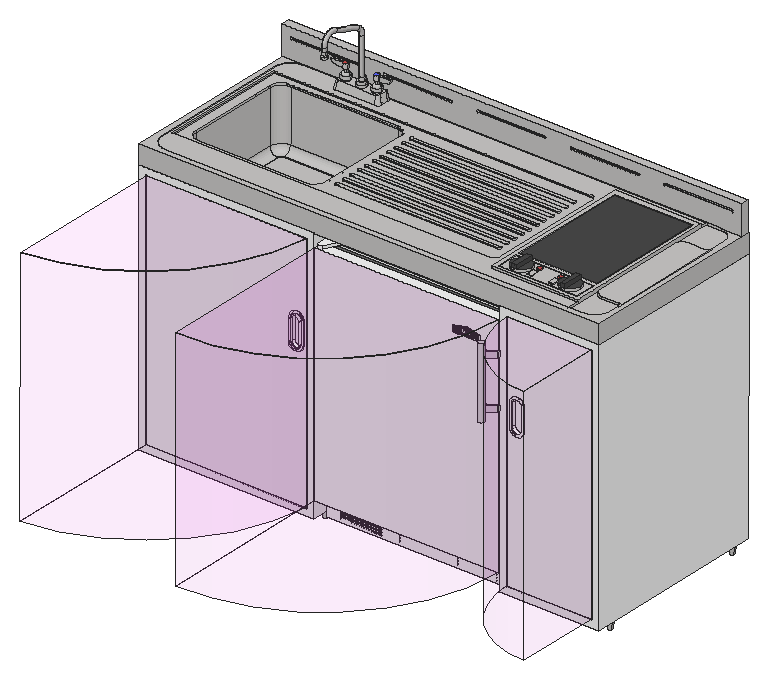
Revit family "QF_Summit_C60ELGLASS_Kitchenette", category Specialty Equipment, Revit 2020 (continued)
Automatic sketch dimensions
  curve 89 to curve 90 = 1"
  plane 5 "FRONT" to curve 65 = 9.94855"
  curve 66 to curve 8 = 0.71169"
  curve 5 to curve 9 = 1.08389"
  curve 82 to curve 85 = 1.34658"
  curve 19 to plane 5 "FRONT" = 4 1/2"
  curve 80 to curve 62 = 1.29117"
  curve 62 to curve 61 = 0.21452"
  curve 60 to curve 59 = 0.75847"
  curve 76 to curve 76 = 0.21452"
  curve 57 to curve 56 = 0.75847"
  curve 56 to curve 55 = 0.21452"
  curve 54 to curve 53 = 0.82097"
  curve 53 to curve 52 = 0.21452"
  curve 74 to curve 50 = 0.69597"
  curve 50 to curve 49 = 0.21452"
  curve 47 to curve 46 = 0.21452"
  curve 72 to curve 44 = 0.69597"
  curve 44 to curve 43 = 0.21452"
  curve 42 to curve 41 = 0.75847"
  curve 41 to curve 40 = 0.21452"
  curve 40 to curve 38 = 0.75847"
  curve 69 to curve 69 = 0.21452"
  curve 37 to curve 35 = 0.75847"
  curve 68 to curve 68 = 0.21452"
  curve 34 to curve 23 = 0.63341"
  curve 27 to curve 7 = 3 1/8"
  curve 68 to curve 30 = 0.82097"
  curve 30 to curve 32 = 0.21452"
  curve 67 to curve 78 = 0.7173"
  curve 10 to curve 8 = 0.79111"
  curve 1 to curve 65 = 15/16"
  curve 64 to curve 28 = 0.1852"
  curve 10 to curve 64 = 0"
  curve 15 to curve 10 = 0"
  curve 10 to curve 94 = 5/8"
  curve 64 to curve 25 = 5/8"
  curve 15 to curve 63 = 5/8"
  curve 95 to plane 18 = 2.39447"
  curve 28 to curve 28 = 1"
  curve 96 to plane 18 = 15/16"
  curve 87 to curve 82 = 0.58831"
  plane 4 "RIGHT" to curve 86 = 1 1/4"
  plane 4 "RIGHT" to curve 92 = 1 1/4"
  plane 4 "RIGHT" to curve 96 = 15/16"
  plane 4 "RIGHT" to curve 91 = 3/4"
  curve 95 to curve 96 = 0"
  curve 93 to plane 14 = 2"
  Extrusion 34 sketch curve to Extrusion 34 sketch curve = 1/2"  (x5)
  Extrusion 34 sketch curve to Extrusion 34 sketch curve = 3/4"
  Extrusion 35 sketch curve to Extrusion 34 = 0"  (x4)
  Extrusion 36 sketch curve to Extrusion 35 = 1.86219"  (x2)
  Extrusion 36 sketch curve to Extrusion 35 = 1 3/8"  (x2)
  Extrusion 37 sketch curve to Extrusion 37 sketch curve = 9/32"  (x2)
  Extrusion 37 sketch curve to Extrusion 37 sketch curve = 9/16"  (x2)
  Extrusion 38 sketch curve to Extrusion 35 = 0.35356"  (x2)
  Extrusion 38 sketch curve to Extrusion 35 = 3.33613"
  Extrusion 38 sketch curve to Extrusion 38 sketch curve = 0.56313"  (x2)
  Extrusion 38 sketch curve to Extrusion 38 sketch curve = 2.20148"
  Extrusion 38 sketch curve to Extrusion 38 sketch curve = 1.07117"  (x2)
  Extrusion 34 sketch curve to Extrusion 34 sketch curve = 0"
  Extrusion 34 sketch curve to Extrusion 34 sketch curve = 10"
  Extrusion 34 sketch curve to Extrusion 34 sketch curve = 15.3663"
  Extrusion 34 sketch curve to Extrusion 34 sketch curve = 2 3/4"
  Extrusion 39 sketch curve to Extrusion 39 sketch curve = 10"
  Extrusion 39 sketch curve to Extrusion 39 sketch curve = 15.3663"
  Extrusion 40 sketch curve to Extrusion 40 sketch curve = 1/2"  (x5)
  Extrusion 40 sketch curve to Extrusion 40 sketch curve = 3/4"
  Extrusion 41 sketch curve to Extrusion 40 = 0"  (x4)
  Extrusion 42 sketch curve to Extrusion 41 = 1.86219"  (x2)
  Extrusion 42 sketch curve to Extrusion 41 = 1 3/8"  (x2)
  Extrusion 43 sketch curve to Extrusion 43 sketch curve = 9/32"  (x2)
  Extrusion 43 sketch curve to Extrusion 43 sketch curve = 9/16"  (x2)
  Extrusion 44 sketch curve to Extrusion 41 = 0.35356"  (x2)
  Extrusion 44 sketch curve to Extrusion 41 = 3.33613"
  Extrusion 44 sketch curve to Extrusion 44 sketch curve = 0.56313"  (x2)
  Extrusion 44 sketch curve to Extrusion 44 sketch curve = 2.20148"
  Extrusion 44 sketch curve to Extrusion 44 sketch curve = 1.07117"  (x2)
  Extrusion 40 sketch curve to Extrusion 40 sketch curve = 0"
  Extrusion 40 sketch curve to Extrusion 40 sketch curve = 10"
  Extrusion 40 sketch curve to Extrusion 40 sketch curve = 15.3663"
  Extrusion 40 sketch curve to Extrusion 40 sketch curve = 2 3/4"
  Extrusion 45 sketch curve to Extrusion 45 sketch curve = 10"
  Extrusion 45 sketch curve to Extrusion 45 sketch curve = 15.3663"
  Extrusion 3 to Extrusion 19 sketch curve = 0"
  Extrusion 19 sketch curve to Extrusion 3 = 3.83831"  (x2)
  Extrusion 19 sketch curve to Extrusion 3 = 0.70647"
  Extrusion 19 sketch curve to Extrusion 3 = 0.86158"
  Extrusion 19 sketch curve to Extrusion 3 = 1.52212"
  curve 89 to curve 93 = 3.40347"
  curve 97 to curve 93 = 1.83831"
  curve 98 to plane 14 = 0.86158"
  curve 94 to curve 98 = 1.70647"
  curve 99 to curve 102 = 1/2"  (x2)
  curve 103 to curve 87 = 3/4"
  curve 80 to curve 104 = 0.68823"
  curve 98 to curve 105 = 1/2"
  curve 106 to curve 98 = 3/4"
  curve 106 to curve 98 = 1/2"
  curve 101 to curve 105 = 1/2"
  curve 107 to curve 103 = 0"
  plane 18 to curve 110 = 0.47611"
  curve 109 to curve 109 = 1 1/4"
  plane 18 to curve 111 = 0.75736"
  plane 18 to curve 112 = 0.19486"
  curve 110 to curve 115 = 0.22394"
  curve 115 to curve 113 = 0.56313"
  curve 116 to curve 109 = 1.02144"
  curve 110 to curve 114 = 0.04973"
  curve 113 to curve 118 = 2.20148"
  curve 117 to curve 118 = 0.56313"
  curve 113 to curve 118 = 0"
  curve 117 to curve 120 = 1.07117"
  curve 117 to curve 122 = 0.28156"
  curve 117 to curve 122 = 0.59921"
  curve 122 to curve 121 = 0.28156"
  curve 123 to curve 113 = 0.28156"
  curve 113 to curve 124 = 0.59921"
  curve 123 to curve 123 = 0.28156"
  curve 119 to curve 126 = 1.47394"
  curve 126 to curve 119 = 0.04973"
  curve 119 to curve 126 = 0.22394"
  curve 118 to curve 127 = 1.19269"
  curve 127 to curve 128 = 9/16"
  Extrusion 46 sketch curve to Extrusion 41 = 0.72606"  (x2)
  Extrusion 46 sketch curve to Extrusion 41 = 3.6177"
  Extrusion 46 sketch curve to Extrusion 46 sketch curve = 0.28156"  (x2)
  Extrusion 46 sketch curve to Extrusion 46 sketch curve = 2.48304"
  curve 100 to plane 5 "FRONT" = 2.27212"
  curve 118 to plane 5 "FRONT" = 3.12569"
  plane 1 "BACK" to Extrusion 8 sketch curve = 0"  (x2)
  Extrusion 8 sketch curve to plane 4 "RIGHT" = 0"
  plane 5 "FRONT" to Extrusion 8 sketch curve = 0"  (x4)
  Extrusion 8 sketch curve to plane 18 = 0"
  Extrusion 8 sketch curve to plane 3 "LEFT" = 0"
  plane 14 to Extrusion 8 sketch curve = 1/8"  (x2)
  plane 4 "RIGHT" to Extrusion 8 sketch curve = 7/8"
  Extrusion 8 sketch curve to plane 18 = 7/8"
  Extrusion 8 sketch curve to Extrusion 8 sketch curve = 7/8"
  plane 3 "LEFT" to Extrusion 8 sketch curve = 7/8"
  Extrusion 8 sketch curve to plane 17 = 0"
  Extrusion 8 to Extrusion 26 sketch curve = 36 5/8"
  Extrusion 26 sketch curve to Extrusion 26 sketch curve = 11"
  Extrusion 48 sketch curve to Extrusion 8 = 0"  (x4)
  Extrusion 8 to Extrusion 48 sketch curve = 23 7/8"  (x2)
  Extrusion 8 to Extrusion 48 sketch curve = 4 3/4"  (x2)
  radius of Extrusion 14 sketch curve = 1/8"
  radius of Extrusion 19 sketch curve to Extrusion 3 = 0"  (x2)
  radius of Extrusion 20 sketch curve = 1"
  radius of Extrusion 36 sketch curve = 1 1/4"  (x2)
  radius of Extrusion 37 sketch curve to Extrusion 36 = 0"  (x4)
  radius of Extrusion 42 sketch curve = 1 1/4"  (x2)
  radius of Extrusion 43 sketch curve to Extrusion 42 = 0"  (x4)
Nested families (in)
  nested 1: "CG_FISHER_TYPE 4" at (8, -1, 36.25), type "CG_FISHER_TYPE 4"
    with Type Mark "", Specification by User "", Revision Code "", Item Number "", Installed By "", Identify Quantity as Lot yes, Furnished By "", Foodservice Equipment Identifier yes
  nested 2: "Summit_CT661W" at (22.625, -0.25, 0), Left Hinged Door <- "Show LHD", type "Summit_CT661W"
    with Show Clearance yes, Right Hinged Door no, Left Hinged Door yes
Connectors (in)
  electrical at (57.12984, 0.25, 3.03956), driven by "Volts", driven by "Watts"
    settings: on Extrusion 14, index 3, voltage 115 V, apparent load 2875 VA, apparent load phase1 0 VA, apparent load phase2 0 VA, apparent load phase3 0 VA, power factor 1, load classification "Other", number of poles 1, system type 30, power factor state 1, is connector primary yes, connector utility no, sub classification motor no, connector description ""
Definition of nested family "CG_FISHER_TYPE 4"
  Parameters (values of type "CG_FISHER_TYPE 4")
    Weight = ""
    URL Manufacturer = ""
    URL Cutsheet = ""
    URL = ""
    Type Mark [instance] = ""
    Specification by User [instance] = ""
    Specification by Manufacturer = ""
    Serial Number = ""
    Seismic Rating = ""
    SMACNA No = ""
    Revision Code [instance] = ""
    Omniclass Number and Title = ""
    NAFEM Spec ID Number = ""
    Model = ""
    MasterSpec. = ""
    Manufacturer = ""
    Item Number [instance] = ""
    Installed By [instance] = ""
    Identify Quantity as Lot [instance] = yes
    Furnished By [instance] = ""
    Foodservice Equipment Identifier [instance] = yes
    Default Elevation = 0"
    CSI MasterFormat = ""
    CSI Master Format = ""
  Reference planes (in)
    plane 1 "BACK": y = 0
    plane 2: z = 0
    plane 3 "LEFT": x = 0
    plane 4 "RIGHT": x = 6
    plane 5 "FRONT": y = -2
    plane 6 "TOP": z = 9.5
    plane 7: x = 3
    plane 8: x = 1
    plane 9: x = 5
    plane 10: z = 6.75
    plane 11: y = -1
    plane 12: y = -7
  Forms (in)
    Blend 1, solid
      base sketch origin (0, 0, 0) x (1, 0, 0) y (0, 1, 0)
        loop
          arc (0.5, 0) -> (0.14645, -0.14645) -> (0, -0.5) r 0.5
          line (0, -0.5) -> (0, -1.5)
          arc (0, -1.5) -> (0.14645, -1.85355) -> (0.5, -2) r 0.5
          line (0.5, -2) -> (5.5, -2)
          arc (5.5, -2) -> (5.85355, -1.85355) -> (6, -1.5) r 0.5
          line (6, -1.5) -> (6, -0.5)
          arc (6, -0.5) -> (5.85355, -0.14645) -> (5.5, 0) r 0.5
          line (5.5, 0) -> (0.5, 0)
      top sketch origin (0, 0, 0) x (1, 0, 0) y (0, 1, 0)
        loop
          line (5.5, -0.25) -> (0.5, -0.25)
          arc (0.5, -0.25) -> (0.32322, -0.32322) -> (0.25, -0.5) r 0.25
          line (0.25, -0.5) -> (0.25, -1.5)
          arc (0.25, -1.5) -> (0.32322, -1.67678) -> (0.5, -1.75) r 0.25
          line (0.5, -1.75) -> (5.5, -1.75)
          arc (5.5, -1.75) -> (5.67678, -1.67678) -> (5.75, -1.5) r 0.25
          line (5.75, -1.5) -> (5.75, -0.5)
          arc (5.75, -0.5) -> (5.67678, -0.32322) -> (5.5, -0.25) r 0.25
      from 0 to 1
    Extrusion 2, solid
      sketch origin (0, -0.09496, -3.5) x (1, 0, 0) y (0, 0, 1)
        loop
          line (4.82421, 6.36488) -> (4.82421, 5.7908) -> (5.75768, 5.80403) -> (6.42048, 5.89366)
          arc (6.42048, 5.89366) -> (6.70947, 6.05462) -> (6.82421, 6.36488) r 0.47687
          line (6.82421, 6.36488) -> (4.82421, 6.36488)
      from 0.77919 to 1.02919
    Revolve 3, solid
      sketch origin (-4.03517, -1, 0) x (1, 0, 0) y (0, 0, 1)
        loop
          line (5.03934, 1) -> (5.03934, 3.02505)
          arc (5.03934, 3.02505) -> (4.87585, 2.98746) -> (4.76133, 2.86488) r 0.2869
          line (4.76133, 2.86488) -> (4.76133, 2.2908) -> (4.87917, 2.2908) -> (4.87917, 1.83261)
          arc (4.87917, 1.83261) -> (4.65407, 1.74222) -> (4.60414, 1.50485) r 0.25731
          line (4.60414, 1.50485) -> (4.45379, 1.50485) -> (4.45379, 1.1768) -> (4.53934, 1.1768) -> (4.53934, 1) -> (5.03934, 1)
        axis (5.03934, 1) -> (5.03934, 3.02505)
      angle from 0 to 360
    Revolve 4, solid
      sketch origin (10.03517, -0.99916, 0) x (-1, 0, 0) y (0, 0, -1)
        loop
          line (5.03934, -1) -> (4.53934, -1) -> (4.53934, -1.1768) -> (4.45379, -1.1768) -> (4.45379, -1.50485) -> (4.60414, -1.50485)
          arc (4.60414, -1.50485) -> (4.65407, -1.74222) -> (4.87917, -1.83261) r 0.25731
          line (4.87917, -1.83261) -> (4.87917, -2.2908) -> (4.76133, -2.2908) -> (4.76133, -2.86488)
          arc (4.76133, -2.86488) -> (4.87585, -2.98746) -> (5.03934, -3.02505) r 0.2869
          line (5.03934, -3.02505) -> (5.03934, -1)
        axis (5.03934, -1) -> (5.03934, -3.02505)
      angle from 0 to 360
    Extrusion 5, solid
      sketch origin (6, -0.09496, -3.5) x (-1, 0, 0) y (0, 0, -1)
        loop
          line (4.82421, -6.36488) -> (6.82421, -6.36488)
          arc (6.82421, -6.36488) -> (6.70947, -6.05462) -> (6.42048, -5.89366) r 0.47687
          line (6.42048, -5.89366) -> (5.75768, -5.80403) -> (4.82421, -5.7908) -> (4.82421, -6.36488)
      from 0.77919 to 1.02919
    Revolve 6, solid
      sketch origin (0, -7, 0) x (1, 0, 0) y (0, 0, 1)
        loop
          line (3, 7.59291) -> (2.75, 7.59291) -> (2.75, 7.16874) -> (2.625, 6.95223) -> (2.625, 6.75) -> (3, 6.75) -> (3, 7.59291)
        axis (3, 6.75) -> (3, 7.59291)
      angle from 0 to 360
    Sweep 7, solid
      path origin (3, 0, 0) x (0, 1, 0) y (0, 0, 1)
        loop
          line (-7, 7.59291) -> (-7, 8.04139)
          arc (-7, 8.04139) -> (-6.46697, 9.06533) -> (-5.32247, 9.21601) r 1.25
          line (-5.32247, 9.21601) -> (-1.75198, 7.91645)
          arc (-1.75198, 7.91645) -> (-1.20668, 7.49803) -> (-1, 6.84252) r 1.14286
          line (-1, 6.84252) -> (-1, 2)
      profile origin (3, -7, 7.81715) x (0, -1, 0) y (1, 0, 0)
        loop
          circle (0, 0) r 0.25
    Revolve 8, solid
      sketch origin (8.03517, -0.9375, -3.5) x (-1, 0, 0) y (0, 0, -1)
        loop
          line (5.03934, -4.5) -> (4.40363, -4.5) -> (4.40363, -4.67045) -> (4.50358, -4.67045) -> (4.50358, -5.02398) -> (4.68786, -5.13038) -> (4.68786, -5.5) -> (5.03934, -5.5) -> (5.03934, -4.5)
        axis (5.03934, -4.5) -> (5.03934, -5.5)
      angle from 0 to 360
  Cuts and joins
    joined: Revolve 6, Sweep 7
  Lines and regions (in)
    symbolic lines
      curve 1: line (2.67337, -7.08919, 0) -> (2.67337, -1, 0)
      curve 2: line (3.29837, -7.08919, 0) -> (3.29837, -1, 0)
      curve 3: arc (3.29837, -1, 0) -> (2.98587, -0.6875, 0) -> (2.67337, -1, 0) r 0.3125
      curve 4: arc (3.29837, -1.40113, 0) -> (2.98587, -0.49151, 0) -> (2.67337, -1.40113, 0) r 0.50849
      curve 5: arc (3.29837, -1.5749, 0) -> (3.01791, -0.35019, 0) -> (2.67337, -1.55844, 0) r 0.6486
      curve 6: line (4.38304, -0.63916, 0) -> (5.00804, -0.27831, 0)
      curve 7: line (5.00804, -0.27831, 0) -> (5.63304, -0.63916, 0)
      curve 8: line (5.63304, -0.63916, 0) -> (5.63304, -1.26764, 0)
      curve 9: line (4.38304, -1.36084, 0) -> (4.38304, -0.63916, 0)
      curve 10: line (5.00804, -1.72169, 0) -> (4.38304, -1.36084, 0)
      curve 11: line (5.23435, -1.59103, 0) -> (5.00804, -1.72169, 0)
      curve 12: arc (5.53526, -1.17341, 0) -> (4.61465, -0.60851, 0) -> (5.18402, -1.52636, 0) r 0.555
      curve 13: arc (5.28147, -0.74178, 0) -> (4.74077, -0.73099, 0) -> (4.75156, -1.27169, 0) r 0.375
      curve 14: arc (4.75156, -1.27169, 0) -> (4.84744, -1.34648, 0) -> (4.96221, -1.38665, 0) r 0.375
      curve 15: arc (5.23435, -1.59103, 0) -> (5.11621, -1.46497, 0) -> (4.96221, -1.38665, 0) r 0.5
      curve 16: line (5.22231, -1.58455, 0) -> (6.43111, -2.61867, 0)
      curve 17: arc (6.43111, -2.61867, 0) -> (6.60796, -2.59971, 0) -> (6.62691, -2.42286, 0) r 0.14168
      curve 18: line (5.58934, -1.21683, 0) -> (6.62691, -2.42286, 0)
      curve 19: arc (5.39644, -0.95243, 0) -> (5.47064, -1.10086, 0) -> (5.58934, -1.21683, 0) r 0.5
      curve 20: arc (5.39644, -0.95243, 0) -> (5.35626, -0.83766, 0) -> (5.28147, -0.74178, 0) r 0.375
      curve 21: line (1.62658, -0.63916, 0) -> (1.00158, -0.27831, 0)
      curve 22: line (1.62658, -1.36084, 0) -> (1.62658, -0.63916, 0)
      curve 23: line (1.00158, -1.72169, 0) -> (1.62658, -1.36084, 0)
      curve 24: line (0.77192, -1.58909, 0) -> (1.00158, -1.72169, 0)
      curve 25: line (0.77192, -1.58909, 0) -> (-0.42292, -2.61705, 0)
      curve 26: arc (-0.61721, -2.42277, 0) -> (-0.59834, -2.59818, 0) -> (-0.42292, -2.61705, 0) r 0.1406
      curve 27: line (0.42029, -1.21683, 0) -> (-0.61721, -2.42277, 0)
      curve 28: arc (0.42029, -1.21683, 0) -> (0.53899, -1.10086, 0) -> (0.61319, -0.95243, 0) r 0.5
      curve 29: arc (1.04741, -1.38665, 0) -> (0.89898, -1.46086, 0) -> (0.78301, -1.57955, 0) r 0.5
      curve 30: arc (1.04741, -1.38665, 0) -> (1.16218, -1.34648, 0) -> (1.25806, -1.27169, 0) r 0.375
      curve 31: arc (1.25806, -1.27169, 0) -> (1.26885, -0.73099, 0) -> (0.72816, -0.74178, 0) r 0.375
      curve 32: arc (0.72816, -0.74178, 0) -> (0.65337, -0.83766, 0) -> (0.61319, -0.95243, 0) r 0.375
      curve 33: circle (1.00158, -1, 0) r 0.225 normal (0, 0, 1)
      curve 34: line (1.00158, -0.27831, 0) -> (0.37658, -0.63916, 0)
      curve 35: line (0.37658, -0.63916, 0) -> (0.37658, -1.26764, 0)
      curve 36: arc (0.82561, -1.52636, 0) -> (1.39498, -0.60851, 0) -> (0.47437, -1.17341, 0) r 0.555
      curve 37: arc (2.67337, -6.68325, 0) -> (2.98587, -7.60148, 0) -> (3.29837, -6.68325, 0) r 0.51229
      curve 38: arc (2.67337, -7.08919, 0) -> (2.98587, -7.40169, 0) -> (3.29837, -7.08919, 0) r 0.3125
      curve 39: line (3.29837, -2, 0) -> (5.51871, -2, 0)
      curve 40: line (6, -1.5, 0) -> (6, -0.5, 0)
      curve 41: line (5.5, 0, 0) -> (0.5, 0, 0)
      curve 42: line (0, -0.5, 0) -> (0, -1.5, 0)
      curve 43: line (0.5, -2, 0) -> (2.67337, -2, 0)
      curve 44: line (0.58489, -1.75, 0) -> (2.67337, -1.75, 0)
      curve 45: line (3.29837, -1.75, 0) -> (5.41571, -1.75, 0)
      curve 46: line (0.5, -0.25, 0) -> (5.5, -0.25, 0)
      curve 47: arc (5.75, -0.5, 0) -> (5.67678, -0.32322, 0) -> (5.5, -0.25, 0) r 0.25
      curve 48: arc (0.5, -0.25, 0) -> (0.32322, -0.32322, 0) -> (0.25, -0.5, 0) r 0.25
      curve 49: line (0.25, -1.41477, 0) -> (0.25, -0.5, 0)
      curve 50: line (5.75, -0.5, 0) -> (5.75, -1.40358, 0)
      curve 51: line (0.05911, -1.63665, 0) -> (0, -1.5, 0)
      curve 52: line (0.5, -2, 0) -> (0.35546, -1.94739, 0)
      curve 53: line (5.64118, -1.94289, 0) -> (5.51871, -2, 0)
      curve 54: line (5.94504, -1.63028, 0) -> (6, -1.5, 0)
      curve 55: arc (5.5, 0, 0) -> (5.85355, -0.14645, 0) -> (6, -0.5, 0) r 0.5
      curve 56: arc (0, -0.5, 0) -> (0.14645, -0.14645, 0) -> (0.5, 0, 0) r 0.5
      curve 57: circle (4.99842, -1, 0) r 0.225 normal (0, 0, -1)
  Dimensions and locks (in)
    equal spacing: plane 4 "RIGHT", plane 7, plane 3 "LEFT"
    plane 6 "TOP" to plane 2 = 9 1/2"
    aligned and locked: level to plane 2
  Automatic sketch dimensions
    Blend 1 sketch curve to plane 3 "LEFT" = 0"
    plane 5 "FRONT" to Blend 1 sketch curve = 0"
    plane 1 "BACK" to Blend 1 sketch curve = 0"
    Blend 1 sketch curve to plane 4 "RIGHT" = 0"
    plane 3 "LEFT" to Blend 1 sketch curve = 1/2"  (x2)
    Blend 1 sketch curve to plane 4 "RIGHT" = 1/2"  (x3)
    plane 1 "BACK" to Blend 1 sketch curve = 1/2"  (x2)
    plane 3 "LEFT" to Blend 1 sketch curve = 1/4"
    Blend 1 sketch curve to Blend 1 sketch curve = 1/4"  (x3)
    Blend 1 sketch curve to plane 5 "FRONT" = 1/4"
    plane 9 to Extrusion 2 sketch curve = 45/256"
    Extrusion 2 sketch curve to plane 4 "RIGHT" = 0.24232"
    plane 4 "RIGHT" to Extrusion 2 sketch curve = 0.34735"
    plane 4 "RIGHT" to Extrusion 2 sketch curve = 0.42048"
    Extrusion 2 sketch curve to plane 10 = 3.88512"
    Extrusion 2 sketch curve to Extrusion 2 sketch curve = 0.47687"
    Extrusion 2 sketch curve to Extrusion 2 sketch curve = 0.08963"
    Extrusion 2 sketch curve to Extrusion 2 sketch curve = 0.57408"
    plane 8 to Extrusion 5 sketch curve = 45/256"
    plane 3 "LEFT" to Extrusion 5 sketch curve = 0.24232"
    Extrusion 5 sketch curve to plane 3 "LEFT" = 0.34735"
    Extrusion 5 sketch curve to plane 3 "LEFT" = 0.42048"
    Extrusion 5 sketch curve to plane 10 = 3.88512"
    Extrusion 5 sketch curve to Extrusion 5 sketch curve = 0.47687"
    Extrusion 5 sketch curve to Extrusion 5 sketch curve = 0.08963"
    Extrusion 5 sketch curve to Extrusion 5 sketch curve = 0.57408"
    Revolve 6 sketch curve to plane 10 = 0"
    plane 7 to Revolve 6 sketch curve = 0"  (x2)
    Revolve 6 sketch curve to Revolve 6 sketch curve = 1/4"
    Revolve 6 sketch curve to Revolve 6 sketch curve = 1/8"
    plane 10 to Revolve 6 sketch curve = 0.20223"
    Revolve 6 sketch curve to Revolve 6 sketch curve = 0.21651"
    Revolve 6 sketch curve to Revolve 6 sketch curve = 0.42418"
    Revolve 6 sketch curve to Revolve 6 sketch curve = 0.09934"
    Revolve 6 sketch curve to Revolve 6 sketch curve = 0.33586"
    plane 7 to Revolve 8 sketch curve = 0.63154"
    Revolve 8 sketch curve to Revolve 8 sketch curve = 0.09994"
    Revolve 8 sketch curve to Revolve 8 sketch curve = 0.18428"
    Revolve 8 sketch curve to plane 7 = 0.00417"  (x2)
    Revolve 8 sketch curve to plane 10 = 3.2092"
    Revolve 8 sketch curve to plane 10 = 4 3/4"
    Revolve 8 sketch curve to Revolve 8 sketch curve = 0.5408"
    Revolve 8 sketch curve to Revolve 8 sketch curve = 0.36962"
    Revolve 8 sketch curve to Revolve 8 sketch curve = 0.1064"
    Revolve 8 sketch curve to Revolve 8 sketch curve = 0.35353"
    Revolve 8 sketch curve to Revolve 8 sketch curve = 0.17045"
    Revolve 3 sketch curve to plane 8 = 0.0161"
    Revolve 3 sketch curve to plane 8 = 0.156"
    Revolve 3 sketch curve to plane 8 = 0.18399"
    Revolve 3 sketch curve to Revolve 3 sketch curve = 0.11783"
    Revolve 3 sketch curve to Revolve 3 sketch curve = 0.24704"
    Revolve 3 sketch curve to plane 8 = 0.49583"
    Revolve 3 sketch curve to Revolve 3 sketch curve = 0.08555"
    plane 8 to Revolve 3 sketch curve = 0.00417"  (x2)
    level to Revolve 3 sketch curve = 1"
    Revolve 3 sketch curve to Revolve 3 sketch curve = 0.1768"
    Revolve 3 sketch curve to Revolve 3 sketch curve = 0.32805"
    Revolve 3 sketch curve to Revolve 3 sketch curve = 0.07197"
    Revolve 3 sketch curve to Revolve 3 sketch curve = 0.45819"
    Revolve 3 sketch curve to Revolve 3 sketch curve = 1/4"
    Revolve 3 sketch curve to Revolve 3 sketch curve = 0.19807"
    Revolve 3 sketch curve to Revolve 3 sketch curve = 0.12601"
    plane 10 to Revolve 3 sketch curve = 0.2908"
    Revolve 4 sketch curve to plane 9 = 0.0161"
    Revolve 4 sketch curve to plane 9 = 0.156"
    Revolve 4 sketch curve to plane 9 = 0.18399"
    Revolve 4 sketch curve to plane 9 = 0.27384"
    Revolve 4 sketch curve to Revolve 4 sketch curve = 0.24704"
    Revolve 4 sketch curve to plane 9 = 0.49583"
    Revolve 4 sketch curve to Revolve 4 sketch curve = 0.08555"
    plane 9 to Revolve 4 sketch curve = 0.00417"  (x2)
    level to Revolve 4 sketch curve = 1"
    Revolve 4 sketch curve to Revolve 4 sketch curve = 0.1768"
    Revolve 4 sketch curve to Revolve 4 sketch curve = 0.32805"
    Revolve 4 sketch curve to Revolve 4 sketch curve = 0.07197"
    Revolve 4 sketch curve to Revolve 4 sketch curve = 0.45819"
    Revolve 4 sketch curve to Revolve 4 sketch curve = 1/4"
    Revolve 4 sketch curve to Revolve 4 sketch curve = 0.19807"
    Revolve 4 sketch curve to Revolve 4 sketch curve = 0.12601"
    plane 10 to Revolve 4 sketch curve = 0.2908"
    curve 3 to curve 4 = 0"  (x2)
    curve 30 to curve 32 = 0"  (x2)
    curve 33 to curve 36 = 0"  (x2)
    curve 37 to curve 38 = 0"  (x2)
    curve 47 to curve 55 = 0"  (x2)
    curve 48 to curve 56 = 0"  (x2)
    curve 42 to plane 3 "LEFT" = 0"
    plane 5 "FRONT" to curve 43 = 0"
    plane 1 "BACK" to curve 56 = 0"
    curve 36 to plane 11 = 0"
    curve 3 to plane 11 = 0"
    plane 5 "FRONT" to curve 39 = 0"
    curve 57 to plane 11 = 0"
    curve 12 to plane 11 = 0"
    curve 54 to plane 4 "RIGHT" = 0"
    curve 26 to plane 3 "LEFT" = 0.42292"
    curve 26 to curve 25 = 0.07599"
    curve 27 to curve 26 = 0.11829"
    plane 3 "LEFT" to curve 51 = 0.05911"
    plane 3 "LEFT" to curve 28 = 0.13506"
    curve 56 to curve 49 = 1/4"
    curve 52 to plane 5 "FRONT" = 0.05261"
    plane 3 "LEFT" to curve 52 = 91/256"
    curve 49 to curve 35 = 0.12658"
    curve 35 to curve 28 = 0.04371"
    curve 28 to curve 36 = 0.05408"
    curve 52 to curve 43 = 37/256"
    curve 48 to curve 46 = 1/4"
    curve 43 to curve 44 = 0.08489"
    plane 11 to curve 28 = 0.04757"
    curve 36 to curve 28 = 0.13882"
    curve 28 to curve 32 = 0.11497"
    curve 24 to plane 8 = 0.22808"
    curve 24 to curve 29 = 0.01109"
    curve 29 to curve 36 = 0.0426"
    curve 32 to plane 8 = 0.01747"
    plane 8 to curve 36 = 0.00158"
    plane 8 to curve 21 = 0.00158"
    plane 8 to curve 23 = 0.00158"
    plane 8 to curve 31 = 0.00369"
    plane 8 to curve 30 = 0.04741"
    plane 8 to curve 29 = 0.19367"
    curve 29 to curve 31 = 0.21065"
    plane 8 to curve 22 = 0.62658"
    curve 1 to plane 12 = 0.08919"
    curve 1 to plane 7 = 0.32663"
    curve 37 to plane 7 = 0.01413"
    plane 7 to curve 5 = 0.00083"
    plane 9 to curve 6 = 0.61696"
    plane 9 to curve 13 = 0.24844"
    plane 9 to curve 15 = 0.18405"
    plane 9 to curve 15 = 0.03779"
    plane 9 to curve 57 = 0.00158"
    plane 11 to curve 13 = 0.00384"
    curve 13 to plane 9 = 0.00594"
    curve 11 to plane 9 = 0.00804"
    curve 7 to plane 9 = 0.00804"
    curve 13 to curve 12 = 0.00211"
    curve 12 to curve 20 = 0.01905"
    curve 20 to curve 14 = 0"
    curve 12 to plane 9 = 0.18402"
    curve 12 to curve 16 = 0.0383"
    curve 16 to curve 15 = 0.01204"
    curve 13 to plane 9 = 0.28147"
    plane 11 to curve 19 = 0.04757"
    curve 13 to curve 19 = 0.11497"
    curve 11 to curve 45 = 0.18136"
    curve 41 to plane 4 "RIGHT" = 1/2"
    curve 45 to curve 39 = 0.103"
    curve 12 to plane 11 = 0.17341"
    curve 20 to curve 12 = 0.13882"
    curve 12 to curve 19 = 0.05408"
    curve 18 to curve 8 = 0.04371"
    curve 53 to plane 5 "FRONT" = 0.05711"
    curve 39 to curve 53 = 0.12247"
    curve 19 to plane 4 "RIGHT" = 0.12544"
    curve 54 to plane 4 "RIGHT" = 0.05496"
    plane 4 "RIGHT" to curve 17 = 0.43111"
    curve 16 to curve 17 = 0.07667"
    curve 17 to curve 18 = 0.11914"
    plane 12 to curve 37 = 0.31675"
    plane 5 "FRONT" to curve 17 = 0.61867"
    plane 5 "FRONT" to curve 26 = 0.61705"
    curve 17 to curve 17 = 0.11914"
    curve 25 to curve 26 = 0.11829"
    curve 15 to plane 5 "FRONT" = 0.13522"
    curve 29 to plane 5 "FRONT" = 0.13522"
    curve 29 to curve 24 = 0.14309"
    curve 15 to curve 10 = 0.14309"
    curve 52 to curve 51 = 0.31074"
    curve 45 to curve 5 = 0.1751"
    curve 44 to curve 5 = 0.19156"
    curve 51 to curve 51 = 0.13665"
    curve 54 to curve 54 = 0.13028"
    curve 5 to curve 4 = 0.15731"
    curve 9 to plane 11 = 0.36084"
    curve 22 to plane 11 = 0.36084"
    curve 29 to curve 30 = 0.11497"
    curve 14 to curve 13 = 0.11497"
    plane 11 to curve 21 = 0.36084"
    plane 11 to curve 6 = 0.36084"
    curve 8 to curve 47 = 0.13916"
    curve 34 to curve 48 = 0.13916"
    plane 1 "BACK" to curve 34 = 0.27831"
    plane 1 "BACK" to curve 7 = 0.27831"
    Sweep 7 sketch curve to profile plane = 0"  (x2)
    Sweep 7 sketch curve to plane 12 = 0"
    Sweep 7 sketch curve to plane 11 = 0"
    plane 12 to Sweep 7 sketch curve = 1 1/4"
    Sweep 7 sketch curve to plane 6 "TOP" = 0.28399"
    Sweep 7 sketch curve to Sweep 7 sketch curve = 0.42753"
    plane 5 "FRONT" to Sweep 7 sketch curve = 0.14286"
    Sweep 7 sketch curve to plane 5 "FRONT" = 0.24802"
    plane 10 to Sweep 7 sketch curve = 1.16645"
    Sweep 7 sketch curve to Sweep 7 sketch curve = 0.44847"
    level to Sweep 7 sketch curve = 2"
    radius of curve 33 = 0.225"
    radius of curve 57 = 0.225"
    radius of Sweep 7 sketch curve = 1/4"
Definition of nested family "Summit_CT661W"
  Parameters (values of type "Summit_CT661W")
    Show Clearance [instance] = yes
    Right Hinged Door [instance] = not(Left Hinged Door)  # yes
    Model = "CT661W"
    Manufacturer = "Summit"
    Length = 23 5/8"
    Left Hinged Door [instance] = no
    Height = 32 1/4"
    Description = "Refrigerator-Freezer"
    Depth = 23"
    Default Elevation = 0"
  Reference planes (in)
    plane 1: z = 0
    plane 2 "LEFT": x = 0
    plane 3 "RIGHT": x = 23.625
    plane 4 "FRONT": y = -23.75
    plane 5 "TOP": z = 32.25
    plane 6 "Center Y": x = 11.8125
    plane 7 "Center X": y = -12.25
    plane 8 "BACK": y = -0.75
    plane 9 "Base Heigth": z = 0.375
    plane 10: y = -46.125
    plane 11: z = 32.625
  Forms (in)
    Extrusion 1, solid
      sketch origin (0, 0, 0) x (1, 0, 0) y (0, 1, 0)
        loop
          line (0, -2) -> (0, -21.75) -> (23.625, -21.75) -> (23.625, -2) -> (0, -2)
      from 0.375 to 32.25
    Extrusion 2, solid
      sketch origin (0, 0, 1.125) x (-1, 0, 0) y (0, -1, 0)
        loop
          line (0, 22.5) -> (0, 23.75) -> (-23.625, 23.75) -> (-23.625, 22.5) -> (0, 22.5)
      from 1.9375 to 31.125
    Extrusion 3, solid
      sketch origin (0.125, -2, 0) x (1, 0, 0) y (0, 0, -1)
        loop
          circle (17.5, -1.375) r 0.25
      from 0 to 0.0625
    Extrusion 4, solid, visible <- "Right Hinged Door"
      sketch origin (0, 0, 32.25) x (1, 0, 0) y (0, 1, 0)
        loop
          line (23.40263, -19.21924) -> (20.90263, -19.21924)
          arc (20.90263, -19.21924) -> (20.79649, -19.27822) -> (20.79051, -19.39949) r 0.125
          line (20.79051, -19.39949) -> (22.81626, -23.51001)
          arc (22.81626, -23.51001) -> (23.23774, -23.70945) -> (23.52763, -23.34424) r 0.375
          line (23.52763, -23.34424) -> (23.52763, -19.34424)
          arc (23.52763, -19.34424) -> (23.49102, -19.25585) -> (23.40263, -19.21924) r 0.125
      from 0.375 to 0
    Revolve 5, solid
      sketch origin (0, -18.75, 0) x (1, 0, 0) y (0, 0, 1)
        loop
          line (20.625, 0.375) -> (20.625, 0) -> (21.125, 0) -> (21.125, 0.25) -> (20.78125, 0.25) -> (20.78125, 0.375) -> (20.625, 0.375)
        axis (20.625, 0) -> (20.625, 0.375)
      angle from 0 to 360
    Revolve 6, solid
      sketch origin (0, -5, 0) x (1, 0, 0) y (0, 0, 1)
        loop
          line (20.625, 0.375) -> (20.625, 0) -> (21.125, 0) -> (21.125, 0.25) -> (20.78125, 0.25) -> (20.78125, 0.375) -> (20.625, 0.375)
        axis (20.625, 0) -> (20.625, 0.375)
      angle from 0 to 360
    Extrusion 7, solid, visible <- "Right Hinged Door"
      sketch origin (0, 0, 0.375) x (-1, 0, 0) y (0, -1, 0)
        loop
          line (-23.625, 46.11391) -> (-23.625, 23.75) -> (0.00412, 23.75)
          arc (0.00412, 23.75) -> (-7.15509, 39.85068) -> (-23.625, 46.11391) r 22.92272
      from 2.6875 to 31.875
    Extrusion 8, solid
      sketch origin (23.5, -21.75, 0) x (-1, 0, 0) y (0, 0, -1)
        loop
          line (0.0625, -32.0625) -> (23.25, -32.0625) -> (23.25, -3.9375) -> (0.0625, -3.9375) -> (0.0625, -32.0625)
      from 0 to 0.75
    Extrusion 9, solid, visible <- "Right Hinged Door"
      sketch origin (0, 0, 32.25) x (-1, 0, 0) y (0, -1, 0)
        loop
          circle (-1.25, 25) r 0.375
      from -11.5 to -2.5
    Extrusion 10, solid, visible <- "Right Hinged Door"
      sketch origin (0, 0, 32.25) x (-1, 0, 0) y (0, -1, 0)
        loop
          line (-1.5, 24.72049) -> (-1.5, 24.56699)
          arc (-1.5, 24.56699) -> (-1.37941, 24.51704) -> (-1.25, 24.5) r 0.5
          arc (-1.25, 24.5) -> (-1.12181, 24.51671) -> (-1.00219, 24.56573) r 0.5
          arc (-1.00219, 24.56573) -> (-0.94801, 24.57877) -> (-0.89527, 24.56079) r 0.1
          line (-0.89527, 24.56079) -> (-0.04264, 23.96378)
          arc (-0.04264, 23.96378) -> (-0.0113, 23.92804) -> (0, 23.88186) r 0.1
          line (0, 23.88186) -> (0, 22.88186) -> (0.125, 22.88186) -> (0.125, 23.94693)
          arc (0.125, 23.94693) -> (0.1137, 23.99311) -> (0.08236, 24.02885) r 0.1
          line (0.08236, 24.02885) -> (-0.96185, 24.76001)
          arc (-0.96185, 24.76001) -> (-1.22254, 24.62601) -> (-1.5, 24.72049) r 0.375
      from -4.25 to -3.5
    Extrusion 11, solid, visible <- "Right Hinged Door"
      sketch origin (0, 0, 26) x (-1, 0, 0) y (0, -1, 0)
        loop
          line (-1.5, 24.72049) -> (-1.5, 24.56699)
          arc (-1.5, 24.56699) -> (-1.37941, 24.51704) -> (-1.25, 24.5) r 0.5
          arc (-1.25, 24.5) -> (-1.12181, 24.51671) -> (-1.00219, 24.56573) r 0.5
          arc (-1.00219, 24.56573) -> (-0.94801, 24.57877) -> (-0.89527, 24.56079) r 0.1
          line (-0.89527, 24.56079) -> (-0.04264, 23.96378)
          arc (-0.04264, 23.96378) -> (-0.0113, 23.92804) -> (0, 23.88186) r 0.1
          line (0, 23.88186) -> (0, 22.88186) -> (0.125, 22.88186) -> (0.125, 23.94693)
          arc (0.125, 23.94693) -> (0.1137, 23.99311) -> (0.08236, 24.02885) r 0.1
          line (0.08236, 24.02885) -> (-0.96185, 24.76001)
          arc (-0.96185, 24.76001) -> (-1.22254, 24.62601) -> (-1.5, 24.72049) r 0.375
      from -4.25 to -3.5
    Revolve 12, solid
      sketch origin (23.625, -18.75, 0) x (-1, 0, 0) y (0, 0, -1)
        loop
          line (20.625, -0.375) -> (20.78125, -0.375) -> (20.78125, -0.25) -> (21.125, -0.25) -> (21.125, 0) -> (20.625, 0) -> (20.625, -0.375)
        axis (20.625, 0) -> (20.625, -0.375)
      angle from 0 to 360
    Revolve 13, solid
      sketch origin (23.625, -5, 0) x (-1, 0, 0) y (0, 0, -1)
        loop
          line (20.625, -0.375) -> (20.78125, -0.375) -> (20.78125, -0.25) -> (21.125, -0.25) -> (21.125, 0) -> (20.625, 0) -> (20.625, -0.375)
        axis (20.625, 0) -> (20.625, -0.375)
      angle from 0 to 360
    Extrusion 14, solid
      sketch origin (23.5, -21.75, 0) x (-1, 0, 0) y (0, 0, -1)
        loop
          line (23.5, -2.8125) -> (23.5, -0.375) -> (-0.125, -0.375) -> (-0.125, -2.8125) -> (23.5, -2.8125)
        loop
          line (21.6875, -2.46875) -> (16.4375, -2.46875) -> (16.4375, -2.65625) -> (21.6875, -2.65625) -> (21.6875, -2.46875)
        loop
          line (21.6875, -2.125) -> (16.4375, -2.125) -> (16.4375, -2.3125) -> (21.6875, -2.3125) -> (21.6875, -2.125)
        loop
          line (16.4375, -1.96875) -> (21.6875, -1.96875) -> (21.6875, -1.78125) -> (16.4375, -1.78125) -> (16.4375, -1.96875)
        loop
          line (16.4375, -1.625) -> (21.6875, -1.625) -> (21.6875, -1.4375) -> (16.4375, -1.4375) -> (16.4375, -1.625)
        loop
          line (16.4375, -1.28125) -> (21.6875, -1.28125) -> (21.6875, -1.09375) -> (16.4375, -1.09375) -> (16.4375, -1.28125)
        loop
          line (16.4375, -0.9375) -> (21.6875, -0.9375) -> (21.6875, -0.75) -> (16.4375, -0.75) -> (16.4375, -0.9375)
        loop
          line (14.1875, -2.46875) -> (8.9375, -2.46875) -> (8.9375, -2.65625) -> (14.1875, -2.65625) -> (14.1875, -2.46875)
        loop
          line (8.9375, -2.3125) -> (14.1875, -2.3125) -> (14.1875, -2.125) -> (8.9375, -2.125) -> (8.9375, -2.3125)
        loop
          line (8.9375, -1.96875) -> (14.1875, -1.96875) -> (14.1875, -1.78125) -> (8.9375, -1.78125) -> (8.9375, -1.96875)
        loop
          line (8.9375, -1.625) -> (14.1875, -1.625) -> (14.1875, -1.4375) -> (8.9375, -1.4375) -> (8.9375, -1.625)
        loop
          line (8.9375, -1.28125) -> (14.1875, -1.28125) -> (14.1875, -1.09375) -> (8.9375, -1.09375) -> (8.9375, -1.28125)
        loop
          line (8.9375, -0.9375) -> (14.1875, -0.9375) -> (14.1875, -0.75) -> (8.9375, -0.75) -> (8.9375, -0.9375)
        loop
          line (6.6875, -2.65625) -> (6.6875, -2.46875) -> (1.4375, -2.46875) -> (1.4375, -2.65625) -> (6.6875, -2.65625)
        loop
          line (6.6875, -2.3125) -> (6.6875, -2.125) -> (1.4375, -2.125) -> (1.4375, -2.3125) -> (6.6875, -2.3125)
        loop
          line (6.6875, -1.96875) -> (6.6875, -1.78125) -> (1.4375, -1.78125) -> (1.4375, -1.96875) -> (6.6875, -1.96875)
        loop
          line (6.6875, -1.625) -> (6.6875, -1.4375) -> (1.4375, -1.4375) -> (1.4375, -1.625) -> (6.6875, -1.625)
        loop
          line (6.6875, -1.28125) -> (6.6875, -1.09375) -> (1.4375, -1.09375) -> (1.4375, -1.28125) -> (6.6875, -1.28125)
        loop
          line (6.6875, -0.9375) -> (6.6875, -0.75) -> (1.4375, -0.75) -> (1.4375, -0.9375) -> (6.6875, -0.9375)
      from 0 to 0.0625
    Extrusion 15, solid
      sketch origin (0, 0, 0.375) x (-1, 0, 0) y (0, -1, 0)
        loop
          line (-0.83946, 1.0625) -> (-1.58946, 1.0625) -> (-1.58946, 0.9375) -> (-0.71446, 0.9375) -> (-0.71446, 1.875) -> (0, 1.875) -> (0, 2) -> (-0.83946, 2) -> (-0.83946, 1.0625)
        loop
          line (-22.84804, 1.0625) -> (-22.84804, 2) -> (-23.625, 2) -> (-23.625, 1.875) -> (-22.97304, 1.875) -> (-22.97304, 0.9375) -> (-22.09804, 0.9375) -> (-22.09804, 1.0625) -> (-22.84804, 1.0625)
      from 3.625 to 31.875
    Extrusion 16, solid
      sketch origin (22.09804, -0.9375, 0.375) x (1, 0, 0) y (0, 0, -1)
        loop
          line (-21.03554, -31.875) -> (0.51871, -31.875) -> (0.51871, -3.625) -> (-21.03554, -3.625) -> (-21.03554, -31.875)
      from 0 to 0.1875
    Extrusion 17, solid, visible <- "Left Hinged Door"
      sketch origin (23.625, 0, 32.25) x (-1, 0, 0) y (0, -1, 0)
        loop
          arc (23.40263, 19.21924) -> (23.49102, 19.25585) -> (23.52763, 19.34424) r 0.125
          line (23.52763, 19.34424) -> (23.52763, 23.34424)
          arc (23.52763, 23.34424) -> (23.23774, 23.70945) -> (22.81626, 23.51001) r 0.375
          line (22.81626, 23.51001) -> (20.79051, 19.39949)
          arc (20.79051, 19.39949) -> (20.79649, 19.27822) -> (20.90263, 19.21924) r 0.125
          line (20.90263, 19.21924) -> (23.40263, 19.21924)
      from 0.375 to 0
    Extrusion 18, solid, visible <- "Left Hinged Door"
      sketch origin (23.625, 0, 0.375) x (1, 0, 0) y (0, 1, 0)
        loop
          arc (-23.625, -46.11391) -> (-7.15509, -39.85068) -> (0.00412, -23.75) r 22.92272
          line (0.00412, -23.75) -> (-23.625, -23.75) -> (-23.625, -46.11391)
      from 2.6875 to 31.875
    Extrusion 19, solid, visible <- "Left Hinged Door"
      sketch origin (23.625, 0, 32.25) x (1, 0, 0) y (0, 1, 0)
        loop
          circle (-1.25, -25) r 0.375
      from -11.5 to -2.5
    Extrusion 20, solid, visible <- "Left Hinged Door"
      sketch origin (23.625, 0, 32.25) x (1, 0, 0) y (0, 1, 0)
        loop
          arc (-1.5, -24.72049) -> (-1.22254, -24.62601) -> (-0.96185, -24.76001) r 0.375
          line (-0.96185, -24.76001) -> (0.08236, -24.02885)
          arc (0.08236, -24.02885) -> (0.1137, -23.99311) -> (0.125, -23.94693) r 0.1
          line (0.125, -23.94693) -> (0.125, -22.88186) -> (0, -22.88186) -> (0, -23.88186)
          arc (0, -23.88186) -> (-0.0113, -23.92804) -> (-0.04264, -23.96378) r 0.1
          line (-0.04264, -23.96378) -> (-0.89527, -24.56079)
          arc (-0.89527, -24.56079) -> (-0.94801, -24.57877) -> (-1.00219, -24.56573) r 0.1
          arc (-1.00219, -24.56573) -> (-1.12181, -24.51671) -> (-1.25, -24.5) r 0.5
          arc (-1.25, -24.5) -> (-1.37941, -24.51704) -> (-1.5, -24.56699) r 0.5
          line (-1.5, -24.56699) -> (-1.5, -24.72049)
      from -4.25 to -3.5
    Extrusion 21, solid, visible <- "Left Hinged Door"
      sketch origin (23.625, 0, 26) x (1, 0, 0) y (0, 1, 0)
        loop
          arc (-1.5, -24.72049) -> (-1.22254, -24.62601) -> (-0.96185, -24.76001) r 0.375
          line (-0.96185, -24.76001) -> (0.08236, -24.02885)
          arc (0.08236, -24.02885) -> (0.1137, -23.99311) -> (0.125, -23.94693) r 0.1
          line (0.125, -23.94693) -> (0.125, -22.88186) -> (0, -22.88186) -> (0, -23.88186)
          arc (0, -23.88186) -> (-0.0113, -23.92804) -> (-0.04264, -23.96378) r 0.1
          line (-0.04264, -23.96378) -> (-0.89527, -24.56079)
          arc (-0.89527, -24.56079) -> (-0.94801, -24.57877) -> (-1.00219, -24.56573) r 0.1
          arc (-1.00219, -24.56573) -> (-1.12181, -24.51671) -> (-1.25, -24.5) r 0.5
          arc (-1.25, -24.5) -> (-1.37941, -24.51704) -> (-1.5, -24.56699) r 0.5
          line (-1.5, -24.56699) -> (-1.5, -24.72049)
      from -4.25 to -3.5
  Lines and regions (in)
    symbolic lines, visible <- "Right Hinged Door"
      curve 1: arc (-0.00418, -23.74759, 0.375) -> (0.95847, -29.79707, 0.375) -> (3.48885, -35.37561, 0.375) r 22.92272
      curve 2: line (23.62918, -23.74759, 0.375) -> (3.48885, -35.37561, 0.375)
      curve 4: line (-0.08236, -24.02885, 0.375) -> (0.96185, -24.76001, 0.375)
      curve 5: line (1.5, -24.72049, 0.375) -> (1.5, -24.56699, 0.375)
      curve 6: arc (1.5, -24.56699, 0.375) -> (1.37941, -24.51704, 0.375) -> (1.25, -24.5, 0.375) r 0.5
      curve 7: arc (1.25, -24.5, 0.375) -> (1.12181, -24.51671, 0.375) -> (1.00219, -24.56573, 0.375) r 0.5
      curve 8: arc (1.00219, -24.56573, 0.375) -> (0.94801, -24.57877, 0.375) -> (0.89527, -24.56079, 0.375) r 0.1
      curve 9: line (0.89527, -24.56079, 0.375) -> (0.04264, -23.96378, 0.375)
      curve 10: arc (0.04264, -23.96378, 0.375) -> (0.0113, -23.92804, 0.375) -> (0, -23.88186, 0.375) r 0.1
      curve 11: line (-0.125, -23.75, 0.375) -> (-0.125, -23.94693, 0.375)
      curve 12: arc (-0.125, -23.94693, 0.375) -> (-0.1137, -23.99311, 0.375) -> (-0.08236, -24.02885, 0.375) r 0.1
      curve 13: arc (0.875, -25, 0.375) -> (1.25, -25.375, 0.375) -> (1.625, -25, 0.375) r 0.375
      curve 14: arc (1.625, -25, 0.375) -> (1.25, -24.625, 0.375) -> (0.875, -25, 0.375) r 0.375
    symbolic lines
      curve 3: line (0, -23.75, 0.375) -> (0, -23.88186, 0.375)
    symbolic lines, visible <- "Left Hinged Door"
      curve 15: arc (23.62918, -23.74759, 0.375) -> (22.66653, -29.79707, 0.375) -> (20.13615, -35.37561, 0.375) r 22.92272
      curve 16: line (0, -23.75, 0.375) -> (20.13615, -35.37561, 0.375)
      curve 17: line (23.70736, -24.02885, 0.375) -> (22.66315, -24.76001, 0.375)
      curve 18: line (22.125, -24.72049, 0.375) -> (22.125, -24.56699, 0.375)
      curve 19: arc (22.125, -24.56699, 0.375) -> (22.24559, -24.51704, 0.375) -> (22.375, -24.5, 0.375) r 0.5
      curve 20: arc (22.375, -24.5, 0.375) -> (22.50319, -24.51671, 0.375) -> (22.62281, -24.56573, 0.375) r 0.5
      curve 21: arc (22.62281, -24.56573, 0.375) -> (22.67699, -24.57877, 0.375) -> (22.72973, -24.56079, 0.375) r 0.1
      curve 22: line (22.72973, -24.56079, 0.375) -> (23.58236, -23.96378, 0.375)
      curve 23: arc (23.58236, -23.96378, 0.375) -> (23.6137, -23.92804, 0.375) -> (23.625, -23.88186, 0.375) r 0.1
      curve 24: line (23.75, -23.75, 0.375) -> (23.75, -23.94693, 0.375)
      curve 25: arc (23.75, -23.94693, 0.375) -> (23.7387, -23.99311, 0.375) -> (23.70736, -24.02885, 0.375) r 0.1
      curve 26: arc (22.75, -25, 0.375) -> (22.375, -25.375, 0.375) -> (22, -25, 0.375) r 0.375
      curve 27: arc (22, -25, 0.375) -> (22.375, -24.625, 0.375) -> (22.75, -25, 0.375) r 0.375
  Dimensions and locks (in)
    equal spacing: plane 2 "LEFT", plane 6 "Center Y", plane 3 "RIGHT"
    "Length": plane 2 "LEFT" to plane 3 "RIGHT"
    equal spacing: plane 4 "FRONT", plane 7 "Center X", plane 8 "BACK"
    "Height": plane 5 "TOP" to level
    plane 3 "RIGHT" to plane 2 "LEFT" = 23 5/8"
    plane 5 "TOP" to level = 32 1/4"
    "Depth": plane 4 "FRONT" to plane 8 "BACK"
    plane 10 to plane 8 "BACK" = 45 3/8"
    plane 9 "Base Heigth" to level = 3/8"
    plane 11 to plane 5 "TOP" = 3/8"
    aligned and locked: level to plane 1
  Automatic sketch dimensions
    Extrusion 1 sketch curve to plane 2 "LEFT" = 0"
    Extrusion 1 sketch curve to plane 3 "RIGHT" = 0"
    Extrusion 1 sketch curve to plane 4 "FRONT" = 2"
    plane 8 "BACK" to Extrusion 1 sketch curve = 1 1/4"
    Extrusion 2 sketch curve to plane 3 "RIGHT" = 0"
    Extrusion 2 sketch curve to plane 2 "LEFT" = 0"
    plane 4 "FRONT" to Extrusion 2 sketch curve = 0"
    Extrusion 2 sketch curve to Extrusion 2 sketch curve = 1 1/4"
    Extrusion 1 to Extrusion 3 sketch curve = 1"
    Extrusion 3 sketch curve to Extrusion 1 = 6"
    Extrusion 4 sketch curve to Extrusion 1 = 2.83449"
    Extrusion 4 sketch curve to Extrusion 4 sketch curve = 0.11212"
    Extrusion 4 sketch curve to Extrusion 1 = 0.80874"
    Extrusion 4 sketch curve to Extrusion 4 sketch curve = 0.33637"
    Extrusion 4 sketch curve to Extrusion 1 = 0.22237"
    Extrusion 4 sketch curve to Extrusion 1 = 0.09737"
    Extrusion 1 to Extrusion 4 sketch curve = 1.76001"
    Extrusion 4 sketch curve to Extrusion 1 = 2.35051"
    Extrusion 4 sketch curve to Extrusion 4 sketch curve = 0.05526"
    Revolve 5 sketch curve to plane 9 "Base Heigth" = 0"  (x2)
    Revolve 5 sketch curve to level = 0"
    plane 3 "RIGHT" to Revolve 5 sketch curve = 3"
    Revolve 5 sketch curve to Revolve 5 sketch curve = 5/32"
    Revolve 5 sketch curve to plane 9 "Base Heigth" = 1/8"
    Revolve 5 sketch curve to Revolve 5 sketch curve = 11/32"
    Revolve 5 sketch curve to Revolve 5 sketch curve = 0"
    plane 9 "Base Heigth" to Revolve 5 sketch curve = 0.83233"
    Revolve 6 sketch curve to plane 9 "Base Heigth" = 0"  (x2)
    Revolve 6 sketch curve to level = 0"
    plane 3 "RIGHT" to Revolve 6 sketch curve = 3"
    Revolve 6 sketch curve to Revolve 6 sketch curve = 5/32"
    Revolve 6 sketch curve to plane 9 "Base Heigth" = 1/8"
    Revolve 6 sketch curve to Revolve 6 sketch curve = 11/32"
    Revolve 6 sketch curve to Revolve 6 sketch curve = 0"
    plane 9 "Base Heigth" to Revolve 6 sketch curve = 0.83233"
    Extrusion 7 sketch curve to plane 3 "RIGHT" = 0"
    plane 4 "FRONT" to Extrusion 7 sketch curve = 0"
    plane 3 "RIGHT" to Extrusion 7 sketch curve = 0.71294"
    Extrusion 7 sketch curve to plane 2 "LEFT" = 0.00412"
    Extrusion 7 sketch curve to plane 4 "FRONT" = 0.54772"
    Extrusion 8 sketch curve to Extrusion 1 = 3/16"
    Extrusion 1 to Extrusion 8 sketch curve = 1/4"
    Extrusion 1 to Extrusion 8 sketch curve = 3/16"
    Extrusion 1 to Extrusion 8 sketch curve = 3 9/16"
    Extrusion 10 sketch curve to Extrusion 10 sketch curve = 0"  (x6)
    Extrusion 10 sketch curve to plane 2 "LEFT" = 0"
    plane 2 "LEFT" to Extrusion 10 sketch curve = 0.04264"
    Extrusion 10 sketch curve to Extrusion 10 sketch curve = 0.05736"  (x2)
    plane 2 "LEFT" to Extrusion 10 sketch curve = 0.89527"
    Extrusion 10 sketch curve to Extrusion 10 sketch curve = 0.06658"
    Extrusion 10 sketch curve to Extrusion 10 sketch curve = 0.28815"
    Extrusion 10 sketch curve to Extrusion 10 sketch curve = 1/4"
    Extrusion 10 sketch curve to plane 2 "LEFT" = 0.025"
    Extrusion 10 sketch curve to plane 2 "LEFT" = 0.08236"
    Extrusion 10 sketch curve to plane 2 "LEFT" = 1/8"
    Extrusion 10 sketch curve to plane 4 "FRONT" = 0.86814"
    plane 4 "FRONT" to Extrusion 10 sketch curve = 0.13186"
    Extrusion 10 sketch curve to Extrusion 10 sketch curve = 0.06507"
    plane 4 "FRONT" to Extrusion 10 sketch curve = 0.72888"
    Extrusion 10 sketch curve to Extrusion 10 sketch curve = 0.08192"
    Extrusion 10 sketch curve to Extrusion 10 sketch curve = 0.08811"
    Extrusion 10 sketch curve to Extrusion 10 sketch curve = 0.1535"
    Extrusion 10 sketch curve to Extrusion 10 sketch curve = 51/256"
    Extrusion 11 sketch curve to Extrusion 11 sketch curve = 0"  (x6)
    Extrusion 11 sketch curve to plane 2 "LEFT" = 0"
    plane 2 "LEFT" to Extrusion 11 sketch curve = 0.04264"
    Extrusion 11 sketch curve to Extrusion 11 sketch curve = 0.05736"  (x2)
    plane 2 "LEFT" to Extrusion 11 sketch curve = 0.89527"
    Extrusion 11 sketch curve to Extrusion 11 sketch curve = 0.06658"
    Extrusion 11 sketch curve to Extrusion 11 sketch curve = 0.28815"
    Extrusion 11 sketch curve to Extrusion 11 sketch curve = 1/4"
    Extrusion 11 sketch curve to plane 2 "LEFT" = 0.025"
    Extrusion 11 sketch curve to plane 2 "LEFT" = 0.08236"
    Extrusion 11 sketch curve to plane 2 "LEFT" = 1/8"
    Extrusion 11 sketch curve to plane 4 "FRONT" = 0.86814"
    plane 4 "FRONT" to Extrusion 11 sketch curve = 0.13186"
    Extrusion 11 sketch curve to Extrusion 11 sketch curve = 0.06507"
    plane 4 "FRONT" to Extrusion 11 sketch curve = 0.72888"
    Extrusion 11 sketch curve to Extrusion 11 sketch curve = 0.08192"
    Extrusion 11 sketch curve to Extrusion 11 sketch curve = 0.08811"
    Extrusion 11 sketch curve to Extrusion 11 sketch curve = 0.1535"
    Extrusion 11 sketch curve to Extrusion 11 sketch curve = 51/256"
    Revolve 12 sketch curve to plane 9 "Base Heigth" = 0"  (x2)
    Revolve 12 sketch curve to level = 0"
    plane 2 "LEFT" to Revolve 12 sketch curve = 3"
    Revolve 12 sketch curve to Revolve 12 sketch curve = 5/32"
    Revolve 12 sketch curve to plane 9 "Base Heigth" = 1/8"
    Revolve 12 sketch curve to Revolve 12 sketch curve = 11/32"
    Revolve 12 sketch curve to Revolve 12 sketch curve = 0"
    plane 9 "Base Heigth" to Revolve 12 sketch curve = 0.83233"
    Revolve 13 sketch curve to plane 9 "Base Heigth" = 0"  (x2)
    Revolve 13 sketch curve to level = 0"
    plane 2 "LEFT" to Revolve 13 sketch curve = 3"
    Revolve 13 sketch curve to Revolve 13 sketch curve = 5/32"
    Revolve 13 sketch curve to plane 9 "Base Heigth" = 1/8"
    Revolve 13 sketch curve to Revolve 13 sketch curve = 11/32"
    Revolve 13 sketch curve to Revolve 13 sketch curve = 0"
    plane 9 "Base Heigth" to Revolve 13 sketch curve = 0.83233"
    Extrusion 14 sketch curve to Extrusion 1 = 0"  (x3)
    Extrusion 1 to Extrusion 14 sketch curve = 3/8"
    Extrusion 14 sketch curve to Extrusion 1 = 1 9/16"
    Extrusion 14 sketch curve to Extrusion 14 sketch curve = 0"  (x30)
    Extrusion 1 to Extrusion 14 sketch curve = 1 19/32"
    Extrusion 14 sketch curve to Extrusion 14 sketch curve = 5 1/4"  (x2)
    Extrusion 1 to Extrusion 14 sketch curve = 9/16"  (x2)
    Extrusion 14 sketch curve to Extrusion 14 sketch curve = 2 1/4"  (x2)
    Extrusion 1 to Extrusion 14 sketch curve = 1 13/32"
    Extrusion 1 to Extrusion 14 sketch curve = 1 13/16"
    Extrusion 14 sketch curve to Extrusion 14 sketch curve = 3/16"  (x15)
    Extrusion 14 sketch curve to Extrusion 14 sketch curve = 1 3/16"
    Extrusion 14 sketch curve to Extrusion 14 sketch curve = 5/32"  (x16)
    Extrusion 15 sketch curve to plane 3 "RIGHT" = 0"
    Extrusion 15 sketch curve to plane 2 "LEFT" = 0"
    plane 8 "BACK" to Extrusion 15 sketch curve = 3/16"
    plane 3 "RIGHT" to Extrusion 15 sketch curve = 0.65196"
    Extrusion 15 sketch curve to Extrusion 15 sketch curve = 1/8"  (x5)
    plane 8 "BACK" to Extrusion 15 sketch curve = 5/16"  (x2)
    Extrusion 15 sketch curve to Extrusion 15 sketch curve = 3/4"  (x2)
    plane 2 "LEFT" to Extrusion 15 sketch curve = 1.58946"
    Extrusion 15 sketch curve to Extrusion 15 sketch curve = 13/16"
    plane 8 "BACK" to Extrusion 15 sketch curve = 1 1/8"
    Extrusion 16 sketch curve to Extrusion 15 = 0"  (x2)
    Extrusion 15 to Extrusion 16 sketch curve = 21.03554"
    Extrusion 15 to Extrusion 16 sketch curve = 0.35629"
    Extrusion 17 sketch curve to Extrusion 1 = 2.83449"
    Extrusion 17 sketch curve to Extrusion 17 sketch curve = 0.11212"
    Extrusion 17 sketch curve to Extrusion 1 = 0.80874"
    Extrusion 17 sketch curve to Extrusion 17 sketch curve = 0.33637"
    Extrusion 17 sketch curve to Extrusion 1 = 0.22237"
    Extrusion 17 sketch curve to Extrusion 1 = 0.09737"
    Extrusion 17 sketch curve to Extrusion 1 = 2.53076"
    Extrusion 17 sketch curve to Extrusion 17 sketch curve = 1/8"
    Extrusion 1 to Extrusion 17 sketch curve = 1.59424"
    Extrusion 18 sketch curve to plane 2 "LEFT" = 0"
    plane 4 "FRONT" to Extrusion 18 sketch curve = 0"
    Extrusion 18 sketch curve to plane 2 "LEFT" = 0.71294"
    plane 3 "RIGHT" to Extrusion 18 sketch curve = 0.00412"
    plane 4 "FRONT" to Extrusion 18 sketch curve = 0.54772"
    Extrusion 19 sketch curve to plane 3 "RIGHT" = 1 1/4"
    Extrusion 19 sketch curve to plane 4 "FRONT" = 1 1/4"
    Extrusion 20 sketch curve to Extrusion 20 sketch curve = 0"  (x6)
    Extrusion 20 sketch curve to plane 3 "RIGHT" = 0"
    plane 3 "RIGHT" to Extrusion 20 sketch curve = 0.04264"
    Extrusion 20 sketch curve to Extrusion 20 sketch curve = 0.05736"  (x2)
    plane 3 "RIGHT" to Extrusion 20 sketch curve = 0.89527"
    Extrusion 20 sketch curve to Extrusion 20 sketch curve = 0.06658"
    Extrusion 20 sketch curve to Extrusion 20 sketch curve = 0.28815"
    Extrusion 20 sketch curve to Extrusion 20 sketch curve = 1/4"
    Extrusion 20 sketch curve to plane 3 "RIGHT" = 0.025"
    Extrusion 20 sketch curve to plane 3 "RIGHT" = 0.08236"
    Extrusion 20 sketch curve to plane 3 "RIGHT" = 1/8"
    plane 4 "FRONT" to Extrusion 20 sketch curve = 1 1/4"
    Extrusion 20 sketch curve to Extrusion 20 sketch curve = 0.23999"
    Extrusion 20 sketch curve to Extrusion 20 sketch curve = 0.1535"
    Extrusion 20 sketch curve to Extrusion 20 sketch curve = 51/256"
    Extrusion 20 sketch curve to Extrusion 20 sketch curve = 0.08192"
    plane 4 "FRONT" to Extrusion 20 sketch curve = 0.27885"
    Extrusion 20 sketch curve to Extrusion 20 sketch curve = 0.01684"
    Extrusion 20 sketch curve to plane 4 "FRONT" = 0.86814"
    Extrusion 21 sketch curve to Extrusion 21 sketch curve = 0"  (x6)
    Extrusion 21 sketch curve to plane 3 "RIGHT" = 0"
    plane 3 "RIGHT" to Extrusion 21 sketch curve = 0.04264"
    Extrusion 21 sketch curve to Extrusion 21 sketch curve = 0.05736"  (x2)
    plane 3 "RIGHT" to Extrusion 21 sketch curve = 0.89527"
    Extrusion 21 sketch curve to Extrusion 21 sketch curve = 0.06658"
    Extrusion 21 sketch curve to Extrusion 21 sketch curve = 0.28815"
    Extrusion 21 sketch curve to Extrusion 21 sketch curve = 1/4"
    Extrusion 21 sketch curve to plane 3 "RIGHT" = 0.025"
    Extrusion 21 sketch curve to plane 3 "RIGHT" = 0.08236"
    Extrusion 21 sketch curve to plane 3 "RIGHT" = 1/8"
    plane 4 "FRONT" to Extrusion 21 sketch curve = 1 1/4"
    Extrusion 21 sketch curve to Extrusion 21 sketch curve = 0.23999"
    Extrusion 21 sketch curve to Extrusion 21 sketch curve = 0.1535"
    Extrusion 21 sketch curve to Extrusion 21 sketch curve = 51/256"
    Extrusion 21 sketch curve to Extrusion 21 sketch curve = 0.08192"
    plane 4 "FRONT" to Extrusion 21 sketch curve = 0.27885"
    Extrusion 21 sketch curve to Extrusion 21 sketch curve = 0.01684"
    Extrusion 21 sketch curve to plane 4 "FRONT" = 0.86814"
    curve 6 to curve 7 = 0"
    curve 6 to curve 13 = 0"  (x2)
    curve 19 to curve 20 = 0"
    curve 19 to curve 26 = 0"  (x2)
    plane 4 "FRONT" to curve 24 = 0"
    curve 23 to plane 3 "RIGHT" = 0"
